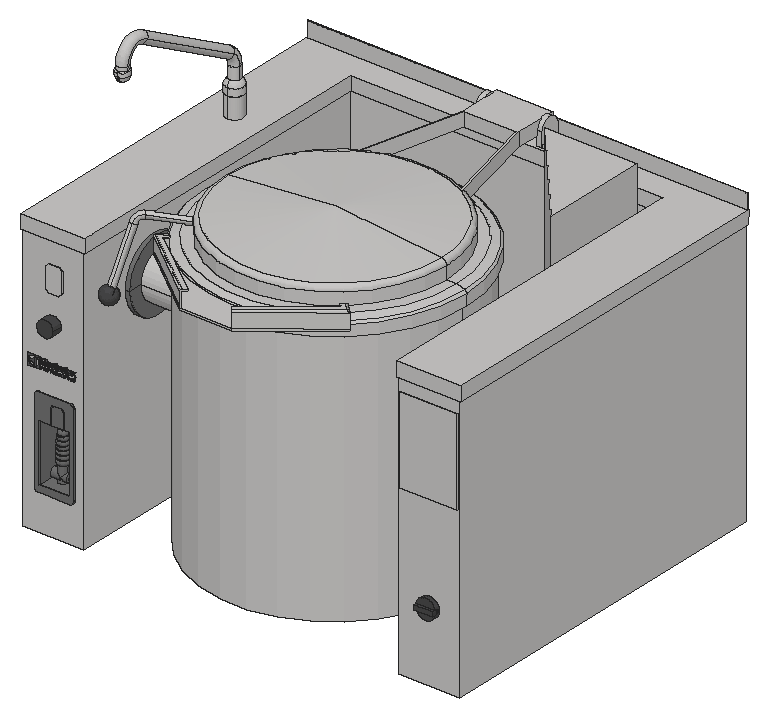
Revit family "QF_ELECTROLUXPROFESSIONAL_586939_PBOT06GLCS", category Specialty Equipment, Revit 2018
Family settings
  Round Connector Dimension = Use Radius
  Part Type = Normal
  Work Plane-Based = No
  Always vertical = Yes
  Cut with Voids When Loaded = No
  Shared = Yes
  Room Calculation Point = No
Parameters (values of type "Standard")
  Weight = 170.00 kg
  Watts = 0 W
  Volts = 230 V
  URL Manufacturer = "http://professional.electrolux.com"
  URL = "http://professional.electrolux.com"
  Tilt Clearance [instance] = 1073 mm
  Steam Supply Size = 0"
  Steam Supply Minimum Pressure = 0.00 psi
  Steam Supply Maximum Pressure = 0.00 psi
  Steam Pounds per Hour = 0
  Show Logo [instance] = yes
  Refrigeration Suction Line Size = 0"
  Refrigeration Liquid Line Size = 0"
  Refrigerant Compressor Remote = yes
  Plinth Base Finish [instance] = QF_Finishes_Concrete
  Plinth Base [instance] = not(Base Height = 500 mm)  # yes
  Phase = 1
  Length Actual = 1100 mm  # constant formula
  Item Number = "586939"
  Hot Water Size = 1/2"
  Height Actual = 700 mm  # constant formula
  HP = "0.3 HP"
  Gas Size = 1"
  Gas KW = 15
  Gas Input Pressure = 0.542067 Btu/h
  Direct Waste Size = 0"
  Depth Actual = 900 mm  # constant formula
  Cycle = 50 Hz
  Condensate Return Size = 0"
  Compressed Air Volume = 0 GPM
  Compressed Air Size = 0"
  Compressed Air Pressure = 0.00 psi
  Cold Water Size = 1/2"
  Assembly Code = ""
  Open Clearance [instance] = 856 mm  # constant formula
  Model = "PBOT06GLCS"
  Manufacturer = "Electrolux Professional"
  Description = "GAS BOILING PAN,TILTING,AUTO H/C WATER FILL INLET,SPRAY GUN, 60L,H700,BS,FS,D900,REAR CLS KIT,GUID.COOK.S"
  Bracket [instance] = Base Height = 500 mm  # no
  Body Finish [instance] = QF_Finishes_Stainless Steel
  Base Height = 200 mm
  Show Clearance [instance] = yes
  Accessory = yes
Reference planes
  plane 1 "BACK": y = 100
  plane 2: z = 0
  plane 3 "LEFT": x = 0
  plane 4 "RIGHT": x = 1100
  plane 5 "FRONT": y = -800
  plane 6 "TOP": z = 900
  plane 7: z = 200
  plane 8 "Center": x = 550
  plane 9: z = 1756
  plane 10: y = -908
  plane 11 "Vessel X axis": y = -503
  plane 12: x = 260.5
  plane 13: y = -580
  plane 14: x = 260.5
  plane 15: through (0, 114.006, 947.95) normal (0, 0.281, -0.9597)
  plane 16: z = 515
  plane 17 "Top Level": z = 981
  plane 18: y = -973
  plane 19: z = 981.311
  plane 20: z = 227.005
Forms (mm)
  Extrusion 1, solid, material "QF_Finishes_Stainless Steel" <- "Body Finish"
    sketch origin (0, 0, 900) x (-1, 0, 0) y (0, -1, 0)
      loop
        line (0, -100) -> (0, 800) -> (-160, 800) -> (-160, -31.55) -> (-940, -31.55) -> (-940, 800) -> (-1100, 800) -> (-1100, -100) -> (0, -100)
    from -35 to 0
  Extrusion 2, solid, material "QF_Finishes_Stainless Steel" <- "Body Finish"
    sketch origin (0, 0, 900) x (-1, 0, 0) y (0, -1, 0)
      loop
        line (-485, 908) -> (-615, 908) -> (-794.973, 765.434) -> (-773.744, 744.205)
        arc (-773.744, 744.205) -> (-550, 832) -> (-326.256, 744.205) r 329
        line (-326.256, 744.205) -> (-305.027, 765.434) -> (-485, 908)
    from 1.223 to 5.898
  Revolve 3, solid, material "QF_Finishes_Stainless Steel" <- "Body Finish"
    sketch origin (0, 50.89, 727.5) x (-1, 0, 0) y (0, -1, 0)
      loop
        line (-170, 573.89) -> (-170, 540.89) -> (-157, 540.89) -> (-157, 630.89) -> (-943, 630.89) -> (-943, 540.89) -> (-930, 540.89) -> (-930, 573.89) -> (-170, 573.89)
      axis (-943, 630.89) -> (-157, 630.89)
    angle from 0 to 360
  Extrusion 4, solid, material "QF_Finishes_Stainless Steel" <- "Body Finish"
    sketch origin (0, 100, 0) x (1, 0, 0) y (0, 0, 1)
      loop
        circle (1020, 450) r 10
    from 3 to 0
  Extrusion 5, solid, material "QF_Finishes_Stainless Steel" <- "Body Finish"
    sketch origin (550, 0, 0) x (0, 1, 0) y (0, 0, 1)
      loop
        line (89, 900) -> (89, 935.1)
        arc (89, 935.1) -> (65, 959.1) -> (41, 935.1) r 24
        line (41, 935.1) -> (41, 900) -> (89, 900)
    from 69.2 to 82.1
  Revolve 6, solid, material "QF_Finishes_Stainless Steel" <- "Body Finish"
    sketch origin (0, -503, 0) x (-1, 0, 0) y (0, 0, 1)
      loop
        line (-550, 981) -> (-550, 912.336) -> (-272.499, 912.336) -> (-272.499, 943.013)
        arc (-272.499, 943.013) -> (-275.825, 951.663) -> (-284.089, 955.857) r 12.912
        arc (-284.089, 955.857) -> (-416.684, 972.243) -> (-550, 981) r 2329.251
      axis (-550, 981) -> (-550, 912.336)
    angle from 0 to 360
  Sweep 7, solid, material "QF_Finishes_Stainless Steel" <- "Body Finish"
    path in 3D
      loop
        line (615, -908, 905.898) -> (794.973, -765.434, 905.898) -> (773.744, -744.205, 905.898)
    profile origin (704.986, -836.717, 905.898) x (-0.620938, 0.78386, 0) y (0, 0, 1)
      loop
        line (0, 0) -> (2.5, 0) -> (2.5, 35.781)
        arc (2.5, 35.781) -> (3.003, 36.997) -> (4.219, 37.5) r 1.719
        line (4.219, 37.5) -> (15.312, 37.5) -> (15.312, 40) -> (4.052, 40)
        arc (4.052, 40) -> (1.187, 38.813) -> (0, 35.948) r 4.052
        line (0, 35.948) -> (0, 0)
  Extrusion 8, solid, material "QF_Finishes_Stainless Steel" <- "Body Finish"
    sketch origin (0, 100, 0) x (1, 0, 0) y (0, 0, 1)
      loop
        line (157, 865) -> (157, 500) -> (943, 500) -> (943, 865) -> (157, 865)
    from 3 to 65.418
  Extrusion 9, solid, material "QF_Finishes_Stainless Steel" <- "Body Finish"
    sketch origin (550, 0, 0) x (0, 1, 0) y (0, 0, 1)
      loop
        line (89, 900) -> (89, 935.1)
        arc (89, 935.1) -> (65, 959.1) -> (41, 935.1) r 24
        line (41, 935.1) -> (41, 900) -> (89, 900)
    from -82.1 to -69.2
  Extrusion 10, solid, material "QF_Finishes_Stainless Steel" <- "Body Finish"
    sketch origin (600, -4572, 981) x (0, -1, 0) y (-1, 0, 0)
      loop
        line (-4551, 114.871) -> (-4295.558, 177.227) -> (-4289.255, 182.754) -> (-4555.565, 119.2) -> (-4661, 119.2) -> (-4661, -19.2) -> (-4555.565, -19.2) -> (-4289.255, -82.754) -> (-4295.558, -77.227) -> (-4551, -14.871) -> (-4551, 114.871)
    from 25.143 to 59.002
  Sweep 11, solid, material "QF_Finishes_Stainless Steel" <- "Body Finish"
    path in 3D
      loop
        line (326.256, -744.205, 905.898) -> (305.027, -765.434, 905.898) -> (485, -908, 905.898)
    profile origin (395.014, -836.717, 905.898) x (0.620938, 0.78386, 0) y (0, 0, 1)
      loop
        line (0, 0) -> (2.5, 0) -> (2.5, 35.781)
        arc (2.5, 35.781) -> (3.003, 36.997) -> (4.219, 37.5) r 1.719
        line (4.219, 37.5) -> (15.312, 37.5) -> (15.312, 40) -> (4.052, 40)
        arc (4.052, 40) -> (1.187, 38.813) -> (0, 35.948) r 4.052
        line (0, 35.948) -> (0, 0)
  Extrusion 12, solid, material "QF_Finishes_Stainless Steel" <- "Body Finish"
    sketch origin (0, 0, 900) x (-1, 0, 0) y (0, -1, 0)
      loop
        arc (-658.472, -55.346) -> (-664.2, -65) -> (-658.472, -74.654) r 11
        line (-658.472, -74.654) -> (-632.1, -89.055) -> (-632.1, -40.945) -> (-658.472, -55.346)
      loop
        line (-441.528, -55.346) -> (-467.9, -40.945) -> (-467.9, -89.055) -> (-441.528, -74.654)
        arc (-441.528, -74.654) -> (-435.8, -65) -> (-441.528, -55.346) r 11
    from 0 to 8
  Revolve 13, solid, material "QF_Finishes_Stainless Steel" <- "Body Finish"
    sketch origin (0, -503, 0) x (-1, 0, 0) y (0, 0, 1)
      loop
        line (-550, 910.898) -> (-550, 227.005) -> (-230.95, 227.005) -> (-230.95, 870.866) -> (-221, 870.866) -> (-221, 899.23) -> (-225.382, 905.093) -> (-246.228, 910.898) -> (-550, 910.898)
      axis (-550, 910.898) -> (-550, 227.005)
    angle from 0 to 360
  Extrusion 14, solid, material "QF_Finishes_Stainless Steel" <- "Body Finish"
    sketch origin (1100, -797, 0) x (-1, 0, 0) y (0, 0, -1)
      loop
        line (150, -833.989) -> (150, -618.989) -> (8.465, -618.989) -> (8.465, -833.989) -> (150, -833.989)
      loop
        line (1029.661, -812.084) -> (1036.975, -804.77) -> (1036.975, -754.399) -> (1029.661, -747.084) -> (1004.29, -747.084) -> (996.975, -754.399) -> (996.975, -804.77) -> (1004.29, -812.084) -> (1029.661, -812.084)
    from 0 to 3
  Extrusion 15, solid, material "QF_Finishes_Black"
    sketch origin (1200, -797, -30) x (-1, 0, 0) y (0, 0, -1)
      loop
        circle (180.286, -405.28) r 25
    from 0 to 10.306
  Extrusion 16, solid, material "QF_Finishes_Black"
    sketch origin (1200, -797, -30) x (-1, 0, 0) y (0, 0, -1)
      loop
        arc (204.667, -410.806) -> (205.286, -405.28) -> (204.667, -399.753) r 25
        line (204.667, -399.753) -> (155.904, -399.753)
        arc (155.904, -399.753) -> (155.286, -405.28) -> (155.904, -410.806) r 25
        line (155.904, -410.806) -> (204.667, -410.806)
    from 0 to 18.276
  Extrusion 17, solid, material "QF_Finishes_Black"
    sketch origin (160, -797, 0) x (-1, 0, 0) y (0, 0, -1)
      loop
        circle (80.781, -678.5) r 20
    from 0 to 25
  Extrusion 18, solid, material "QF_Finishes_Stainless Steel" <- "Body Finish", visible <- "Bracket"
    sketch origin (0, 37, -14) x (0, 1, 0) y (0, 0, 1)
      loop
        line (60, 514) -> (-140, 514) -> (-140, 400) -> (-76.36, 336.36) -> (60, 336.36) -> (60, 514)
    from 25.741 to 134.773
  Extrusion 19, solid, material "QF_Finishes_Stainless Steel" <- "Body Finish", visible <- "Bracket"
    sketch origin (1100, 0, 0) x (0, 1, 0) y (0, 0, 1)
      loop
        line (97, 322.36) -> (97, 500) -> (-103, 500) -> (-103, 386) -> (-39.36, 322.36) -> (97, 322.36)
    from -133.886 to -23.363
  Extrusion 20, solid, material "QF_Finishes_Stainless Steel" <- "Body Finish"
    sketch origin (0, 100, 0) x (1, 0, 0) y (0, 0, 1)
      loop
        circle (50, 395) r 6.35
      loop
        circle (110.571, 395) r 6.35
      loop
        circle (80.257, 345) r 12.7
    from 3 to 0
  Revolve 21, solid, material "QF_Finishes_Clearance", visible <- "Show Clearance", detail levels coarse
    sketch origin (550, 10.879, 0.726) x (0, 0.999996, 0.002845) y (0, -0.002845, 0.999996)
      loop
        line (-104.3, 1490.183) -> (-181.256, 1755.797) -> (-205.268, 1748.84) -> (-128.312, 1483.226) -> (-104.3, 1490.183)
      axis (-104.3, 1490.183) -> (-128.312, 1483.226)
    angle from 0 to 360
  Extrusion 22, solid, material "QF_Finishes_Stainless Steel" <- "Body Finish"
    sketch origin (0, -602.697, 0) x (1, 0, 0) y (0, 1, 0)
      loop
        line (916.007, 584.463) -> (686.007, 584.463) -> (916.007, 314.463) -> (916.007, 584.463)
    from 378.064 to 989.164
  Extrusion 23, solid, material "QF_Finishes_Stainless Steel" <- "Body Finish"
    sketch origin (-69.539, -630.792, 0) x (1, 0, 0) y (0, 1, 0)
      loop
        line (959.01, 373.71) -> (784.088, 579.053) -> (629.29, 431.408)
        arc (629.29, 431.408) -> (768.856, 392.333) -> (874.432, 293.04) r 303.772
        line (874.432, 293.04) -> (959.01, 373.71)
    from 383.064 to 403.064
  Extrusion 24, solid, material "QF_Finishes_Stainless Steel" <- "Body Finish"
    sketch origin (0, 0, 0) x (1, 0, 0) y (0, 1, 0)
      loop
        line (157, 97) -> (3, 97) -> (3, -797) -> (157, -797) -> (157, 97)
      loop
        line (1097, 97) -> (943, 97) -> (943, -797) -> (1097, -797) -> (1097, 97)
    from 200 to 865
  Extrusion 25, solid, material "Navy Blue", visible <- "Show Logo"
    sketch origin (160, -797, 0) x (-1, 0, 0) y (0, 0, -1)
      loop
        line (101.332, -593.18) -> (109.793, -593.18) -> (109.793, -583.327)
        arc (109.793, -583.327) -> (108.679, -580.639) -> (105.991, -579.525) r 3.802
        line (105.991, -579.525) -> (101.168, -579.525) -> (101.168, -581.736) -> (105.441, -581.736)
        arc (105.441, -581.736) -> (106.845, -582.21) -> (107.442, -583.566) r 1.838
        line (107.442, -583.566) -> (107.442, -585.52) -> (101.698, -585.52) -> (101.698, -587.738) -> (107.442, -587.738) -> (107.442, -590.968) -> (101.332, -590.968) -> (101.332, -593.18)
      loop
        line (99.498, -593.18) -> (99.498, -579.525) -> (97.146, -579.525) -> (97.146, -593.18) -> (99.498, -593.18)
      loop
        line (48.417, -593.18) -> (48.417, -579.525) -> (46.064, -579.525) -> (46.064, -593.18) -> (48.417, -593.18)
      loop
        line (93.257, -583.886) -> (85.539, -583.886)
        arc (85.539, -583.886) -> (86.746, -588.126) -> (90.874, -589.672) r 4.89
        arc (90.874, -589.672) -> (94.51, -587.828) -> (95.548, -583.886) r 4.976
        arc (95.548, -583.886) -> (94.182, -580.589) -> (90.886, -579.224) r 4.662
        arc (90.886, -579.224) -> (88.32, -579.602) -> (86.169, -581.05) r 5.86
        line (86.169, -581.05) -> (87.562, -582.444)
        arc (87.562, -582.444) -> (89.391, -581.347) -> (91.516, -581.531) r 3.458
        arc (91.516, -581.531) -> (92.812, -582.394) -> (93.257, -583.886) r 2.29
      loop
        line (93.198, -585.539) -> (87.902, -585.539)
        arc (87.902, -585.539) -> (88.645, -587.103) -> (90.278, -587.679) r 2.256
        arc (90.278, -587.679) -> (92.162, -587.188) -> (93.198, -585.539) r 2.64
      loop
        line (76.371, -586.524) -> (74.894, -588)
        arc (74.894, -588) -> (76.746, -589.341) -> (78.997, -589.742) r 5.117
        arc (78.997, -589.742) -> (82.429, -588.487) -> (84.231, -585.308) r 5.293
        arc (84.231, -585.308) -> (81.194, -579.733) -> (74.977, -581.018) r 5.33
        line (74.977, -581.018) -> (76.446, -582.487)
        arc (76.446, -582.487) -> (79.616, -581.438) -> (81.887, -583.886) r 3.088
        arc (81.887, -583.886) -> (81.729, -585.821) -> (80.396, -587.234) r 2.933
        arc (80.396, -587.234) -> (78.264, -587.559) -> (76.371, -586.524) r 3.369
      loop
        line (73.45, -593.18) -> (73.45, -583.849)
        arc (73.45, -583.849) -> (73.246, -582.449) -> (72.722, -581.135) r 6.031
        arc (72.722, -581.135) -> (71.044, -579.8) -> (68.918, -579.519) r 4.018
        line (68.918, -579.519) -> (68.918, -581.723)
        arc (68.918, -581.723) -> (69.55, -581.771) -> (70.139, -582.005) r 2.118
        arc (70.139, -582.005) -> (70.895, -582.804) -> (71.098, -583.886) r 1.949
        line (71.098, -583.886) -> (71.098, -587.265) -> (68.962, -587.265) -> (68.962, -589.401) -> (71.098, -589.401) -> (71.098, -593.18) -> (73.45, -593.18)
      loop
        arc (64.65, -584.717) -> (64.482, -585.701) -> (63.997, -586.574) r 2.967
        arc (63.997, -586.574) -> (62.588, -587.297) -> (61.004, -587.265) r 3.231
        line (61.004, -587.265) -> (61.004, -589.525)
        arc (61.004, -589.525) -> (63.073, -589.33) -> (64.65, -587.977) r 3.432
        line (64.65, -587.977) -> (64.65, -589.401) -> (66.983, -589.401) -> (66.983, -579.525) -> (64.65, -579.525) -> (64.65, -584.717)
      loop
        circle (55.254, -584.461) r 5.233
      loop
        circle (55.254, -584.461) r 3.172
      loop
        arc (37.582, -583.638) -> (38.162, -582.041) -> (39.738, -581.405) r 2.088
        arc (39.738, -581.405) -> (41.313, -582.041) -> (41.894, -583.638) r 2.088
        line (41.894, -583.638) -> (41.894, -589.401) -> (44.266, -589.401) -> (44.266, -583.442)
        arc (44.266, -583.442) -> (42.916, -580.365) -> (39.738, -579.275) r 4.181
        arc (39.738, -579.275) -> (36.524, -580.398) -> (35.211, -583.539) r 4.181
        line (35.211, -583.539) -> (35.211, -589.401) -> (37.582, -589.401) -> (37.582, -583.638)
      loop
        line (33.789, -589.401) -> (30.374, -584.764) -> (34.126, -579.522) -> (31.598, -579.522) -> (29.107, -583.001) -> (26.58, -579.522) -> (24.068, -579.522) -> (27.767, -584.817) -> (24.385, -589.401) -> (26.952, -589.401) -> (29.115, -586.469) -> (31.245, -589.401) -> (33.789, -589.401)
      loop
        line (108.47, -573.865) -> (110.346, -573.865) -> (110.346, -569.143) -> (109.319, -569.143) -> (109.319, -570.769) -> (108.185, -570.769)
        arc (108.185, -570.769) -> (106.916, -572.447) -> (108.47, -573.865) r 1.561
      loop
        arc (108.23, -571.697) -> (107.841, -572.304) -> (108.23, -572.911) r 0.668
        line (108.23, -572.911) -> (109.319, -572.911) -> (109.319, -571.697) -> (108.23, -571.697)
      loop
        line (101.061, -573.865) -> (102.968, -573.865) -> (102.968, -569.143) -> (101.942, -569.143) -> (101.942, -570.769) -> (100.949, -570.769) -> (100.27, -569.143) -> (99.168, -569.143) -> (100.097, -571.134)
        arc (100.097, -571.134) -> (99.652, -571.665) -> (99.502, -572.343) r 1.458
        arc (99.502, -572.343) -> (99.971, -573.421) -> (101.061, -573.865) r 1.559
      loop
        line (101.942, -572.911) -> (101.942, -571.697) -> (100.852, -571.697)
        arc (100.852, -571.697) -> (100.464, -572.304) -> (100.852, -572.911) r 0.668
        line (100.852, -572.911) -> (101.942, -572.911)
      loop
        circle (93.139, -571.504) r 2.453
      loop
        circle (93.139, -571.504) r 1.557
      loop
        line (86.655, -573.865) -> (86.655, -569.143) -> (85.654, -569.143) -> (85.654, -570.793) -> (83.876, -570.793) -> (83.876, -571.851) -> (85.654, -571.851) -> (85.654, -572.847) -> (83.706, -572.847) -> (83.706, -573.865) -> (86.655, -573.865)
      loop
        line (79.724, -573.865) -> (79.724, -570.677)
        arc (79.724, -570.677) -> (79.288, -569.596) -> (78.213, -569.146) r 1.51
        line (78.213, -569.146) -> (76.689, -569.146) -> (76.689, -570.038) -> (78.122, -570.038)
        arc (78.122, -570.038) -> (78.65, -570.475) -> (78.753, -571.151) r 0.961
        line (78.753, -571.151) -> (76.866, -571.151) -> (76.866, -572.043) -> (78.753, -572.043) -> (78.753, -572.973) -> (76.735, -572.973) -> (76.735, -573.865) -> (79.724, -573.865)
      loop
        arc (62.624, -573.267) -> (63.249, -573.78) -> (64.041, -573.943) r 1.69
        arc (64.041, -573.943) -> (64.773, -573.764) -> (65.374, -573.31) r 1.872
        arc (65.374, -573.31) -> (65.486, -572.238) -> (64.794, -571.411) r 1.385
        arc (64.794, -571.411) -> (64.212, -571.217) -> (63.66, -570.95) r 4.78
        arc (63.66, -570.95) -> (63.312, -570.539) -> (63.552, -570.057) r 0.489
        arc (63.552, -570.057) -> (63.998, -569.952) -> (64.442, -570.065) r 0.963
        arc (64.442, -570.065) -> (64.826, -570.341) -> (65.061, -570.752) r 1.118
        line (65.061, -570.752) -> (65.887, -570.367)
        arc (65.887, -570.367) -> (65.589, -569.793) -> (65.11, -569.36) r 1.815
        arc (65.11, -569.36) -> (64.566, -569.127) -> (63.978, -569.068) r 1.957
        arc (63.978, -569.068) -> (63.25, -569.213) -> (62.595, -569.561) r 2.556
        arc (62.595, -569.561) -> (62.305, -570.331) -> (62.455, -571.139) r 1.535
        arc (62.455, -571.139) -> (62.778, -571.512) -> (63.19, -571.781) r 1.779
        arc (63.19, -571.781) -> (63.712, -572.014) -> (64.248, -572.215) r 9.371
        arc (64.248, -572.215) -> (64.557, -572.696) -> (64.11, -573.053) r 0.427
        arc (64.11, -573.053) -> (63.575, -572.924) -> (63.163, -572.558) r 1.135
        line (63.163, -572.558) -> (62.624, -573.267)
      loop
        line (58.291, -573.865) -> (58.291, -569.146) -> (57.321, -569.146) -> (57.321, -573.865) -> (58.291, -573.865)
      loop
        circle (50.779, -571.506) r 1.468
      loop
        circle (50.779, -571.506) r 2.451
      loop
        line (44.27, -569.146) -> (43.289, -569.146) -> (43.289, -572.113) -> (41.131, -569.146) -> (40.187, -569.146) -> (40.187, -573.865) -> (41.168, -573.865) -> (41.168, -570.808) -> (43.326, -573.865) -> (44.27, -573.865) -> (44.27, -569.146)
      loop
        line (35.295, -569.146) -> (34.836, -570.164) -> (33.09, -570.164) -> (32.631, -569.146) -> (31.588, -569.146) -> (33.581, -573.865) -> (34.491, -573.865) -> (36.337, -569.146) -> (35.295, -569.146)
      loop
        line (33.526, -571.132) -> (33.993, -572.169) -> (34.447, -571.132) -> (33.526, -571.132)
      loop
        line (26.769, -570.038) -> (26.769, -573.865) -> (27.739, -573.865) -> (27.739, -569.146) -> (24.954, -569.146) -> (24.954, -570.038) -> (26.769, -570.038)
      loop
        arc (69.698, -573.267) -> (70.324, -573.78) -> (71.116, -573.943) r 1.69
        arc (71.116, -573.943) -> (71.847, -573.764) -> (72.449, -573.31) r 1.872
        arc (72.449, -573.31) -> (72.56, -572.238) -> (71.868, -571.411) r 1.385
        arc (71.868, -571.411) -> (71.287, -571.217) -> (70.735, -570.95) r 4.78
        arc (70.735, -570.95) -> (70.386, -570.539) -> (70.627, -570.057) r 0.489
        arc (70.627, -570.057) -> (71.073, -569.952) -> (71.517, -570.065) r 0.963
        arc (71.517, -570.065) -> (71.901, -570.341) -> (72.136, -570.752) r 1.118
        line (72.136, -570.752) -> (72.961, -570.367)
        arc (72.961, -570.367) -> (72.664, -569.793) -> (72.184, -569.36) r 1.815
        arc (72.184, -569.36) -> (71.64, -569.127) -> (71.052, -569.068) r 1.957
        arc (71.052, -569.068) -> (70.325, -569.213) -> (69.669, -569.561) r 2.556
        arc (69.669, -569.561) -> (69.38, -570.331) -> (69.529, -571.139) r 1.535
        arc (69.529, -571.139) -> (69.852, -571.512) -> (70.265, -571.781) r 1.779
        arc (70.265, -571.781) -> (70.787, -572.014) -> (71.322, -572.215) r 9.371
        arc (71.322, -572.215) -> (71.632, -572.696) -> (71.185, -573.053) r 0.427
        arc (71.185, -573.053) -> (70.649, -572.924) -> (70.238, -572.558) r 1.135
        line (70.238, -572.558) -> (69.698, -573.267)
      loop
        line (124.467, -593.367) -> (124.467, -568.534)
        arc (124.467, -568.534) -> (115.287, -580.95) -> (124.467, -593.367) r 12.987
      loop
        arc (125.423, -593.446) -> (135.891, -591.227) -> (141.022, -581.837) r 12.809
        line (141.022, -581.837) -> (135.422, -581.837)
        arc (135.422, -581.837) -> (128.84, -585.012) -> (125.423, -591.472) r 11.707
        line (125.423, -591.472) -> (125.423, -593.446)
      loop
        arc (125.73, -570.332) -> (129.585, -577.251) -> (136.925, -580.23) r 11.93
        line (136.925, -580.23) -> (141.033, -580.23)
        arc (141.033, -580.23) -> (136.066, -570.804) -> (125.73, -568.215) r 13.06
        line (125.73, -568.215) -> (125.73, -570.332)
      loop
        line (141.976, -594.722) -> (141.976, -567.122) -> (114.339, -567.122) -> (114.339, -594.722) -> (141.976, -594.722)
    from 0 to 0.697
  Extrusion 26, void
    sketch origin (0, -800, 0) x (1, 0, 0) y (0, 0, 1)
      loop
        line (125.4, 500.944) -> (43.4, 500.944) -> (43.4, 305.944) -> (125.4, 305.944) -> (125.4, 500.944)
    from 0 to -63
  Extrusion 27, solid, material "QF_Finishes_Stainless Steel"
    sketch origin (550, 0, 0) x (0, 1, 0) y (0, 0, 1)
      loop
        line (98, 937.998) -> (98, 900) -> (100, 900) -> (100, 937.998) -> (98, 937.998)
    from 550 to -550
Cuts and joins
  joined: Revolve 6, Extrusion 10
  Extrusion 26 cuts Extrusion 24
Lines and regions (mm)
  Split face 1
    outline origin (1100, -800, 0) x (-1, 0, 0) y (0, 0, -1)
      loop
        line (144.321, -826.533) -> (144.321, -691.533) -> (15.285, -691.533) -> (15.285, -826.533) -> (144.321, -826.533)
  Split face 2
    outline origin (1100, -800, 0) x (-1, 0, 0) y (0, 0, -1)
      loop
        line (144.321, -691.533) -> (144.321, -625.535) -> (15.285, -625.535) -> (15.285, -691.533) -> (144.321, -691.533)
  Split face 3
    outline origin (1100, -800, 0) x (-1, 0, 0) y (0, 0, -1)
      loop
        line (135.153, -818.972) -> (135.153, -698.972) -> (26.118, -698.972) -> (26.118, -818.972) -> (135.153, -818.972)
  Split face 4
    outline origin (1100, -800, 0) x (-1, 0, 0) y (0, 0, -1)
      loop
        line (1029.036, -812.084) -> (1036.35, -804.77) -> (1036.35, -754.399) -> (1029.036, -747.084) -> (1029.036, -812.084)
  Split face 5
    outline origin (-933.951, -800, 0) x (1, 0, 0) y (0, 0, 1)
      loop
        line (1029.036, 812.084) -> (1029.036, 747.084) -> (1036.35, 754.399) -> (1036.35, 804.77) -> (1029.036, 812.084)
  Split face 6
    outline origin (0, -602.697, 989.164) x (1, 0, 0) y (0, 1, 0)
      loop
        line (906.007, 574.463) -> (708.007, 574.463) -> (906.007, 342.463) -> (906.007, 574.463)
  sketch lines
    curve 1: line (615, -908, 905.898) -> (794.973, -765.434, 905.898)
    curve 2: line (794.973, -765.434, 905.898) -> (773.744, -744.205, 905.898)
    curve 3: line (305.027, -765.434, 905.898) -> (485, -908, 905.898)
    curve 4: line (326.256, -744.205, 905.898) -> (305.027, -765.434, 905.898)
  symbolic lines
    curve 5: line (170, -490, 0) -> (160, -490, 0)
    curve 6: line (170, -490, 0) -> (170, -670, 0)
    curve 7: line (170, -670, 0) -> (160, -670, 0)
    curve 8: line (930, -490, 0) -> (940, -490, 0)
    curve 9: line (930, -490, 0) -> (930, -670, 0)
    curve 10: line (930, -670, 0) -> (940, -670, 0)
    curve 11: line (930, -523.539, 0) -> (878.358, -523.539, 0)
    curve 12: line (930, -636.461, 0) -> (850.714, -636.461, 0)
    curve 13: line (170, -523.539, 0) -> (221.642, -523.539, 0)
    curve 14: line (170, -636.461, 0) -> (249.286, -636.461, 0)
    curve 15: line (160, -800, 0) -> (160, 31.55, 0)
    curve 16: line (0, -800, 0) -> (160, -800, 0)
    curve 17: line (0, 100, 0) -> (0, -800, 0)
    curve 18: line (160, 31.55, 0) -> (480.8, 31.55, 0)
    curve 19: line (1100, 100, 0) -> (0, 100, 0)
    curve 20: line (940, 31.55, 0) -> (940, -800, 0)
    curve 21: line (1100, -800, 0) -> (1100, 100, 0)
    curve 22: line (940, -800, 0) -> (1100, -800, 0)
    curve 23: circle (550, -503, 0) r 329 normal (0, 0, 1)
    curve 24: line (619.2, 31.55, 0) -> (940, 31.55, 0)
    curve 25: line (494.508, -895.997, 0) -> (328.011, -764.105, 0)
    curve 26: line (328.011, -764.105, 0) -> (337.744, -754.373, 0)
    curve 27: line (485, -908, 0) -> (494.508, -895.997, 0)
    curve 28: line (615, -908, 0) -> (605.492, -895.997, 0)
    curve 29: line (771.989, -764.105, 0) -> (605.492, -895.997, 0)
    curve 30: line (762.256, -754.373, 0) -> (771.989, -764.105, 0)
    curve 32: line (916.007, -18.234, 0) -> (686.007, -18.234, 0)
    curve 33: line (916.007, -288.233, 0) -> (916.007, -18.234, 0)
    curve 34: line (686.007, -18.234, 0) -> (916.007, -288.233, 0)
    curve 35: line (906.007, -28.234, 0) -> (708.007, -28.234, 0)
    curve 36: line (708.007, -28.234, 0) -> (906.007, -260.233, 0)
    curve 37: line (906.007, -260.233, 0) -> (906.007, -28.234, 0)
    curve 45: line (823.446, -320.057, 0) -> (889.471, -257.082, 0)
    curve 46: line (714.549, -51.739, 0) -> (584.468, -175.81, 0)
  model lines, style "QF-Clearances", visible <- "Show Clearance", detail levels coarse
    curve 31: arc (550, -908, 954.089) -> (550, -972.089, 650.892) -> (550, -800, 393.169) r 399.291
  symbolic lines, style "QF-Clearances", visible <- "Show Clearance", detail levels coarse
    curve 38: line (800, -450, 0) -> (800, -1650, 0)
    curve 39: line (300, -450, 0) -> (300, -1650, 0)
    curve 40: line (800, -1650, 0) -> (300, -1650, 0)
    curve 41: line (800, -450, 0) -> (300, -450, 0)
    curve 42: line (800, -1069.158, 0) -> (600, -1650, 0)
    curve 43: circle (550, -1600, 0) r 25 normal (0, 0, 1)
    curve 44: line (300, -1069.158, 0) -> (500, -1650, 0)
Dimensions and locks
  plane 3 "LEFT" to plane 4 "RIGHT" = 1100 mm
  plane 4 "RIGHT" to plane 3 "LEFT" = 1100 mm
  plane 1 "BACK" to plane 5 "FRONT" = 900 mm
  plane 5 "FRONT" to plane 1 "BACK" = 900 mm
  "Base Height": plane 7 to level
  equal spacing: plane 3 "LEFT", plane 8 "Center", plane 4 "RIGHT"
  "Open Clearance": plane 9 to plane 6 "TOP"
  locked: Extrusion 8 sketch curve to Extrusion 8 sketch curve at 365
  plane 4 "RIGHT" to Extrusion 4 sketch curve = 80 mm
  locked: Extrusion 2 sketch curve to Extrusion 2 sketch curve at 30.022  (x2)
  equal spacing: Extrusion 10 sketch curve, plane 8 "Center", Extrusion 10 sketch curve
  locked: Extrusion 10 sketch curve to Extrusion 10 sketch curve at 138.4
  Extrusion 10 sketch curve to Extrusion 10 sketch curve to plane 1 "BACK" = 110 mm locked, 11 mm locked
  plane 11 "Vessel X axis" to Revolve 3 sketch curve = 77 mm
  Revolve 3 sketch curve to Revolve 3 sketch curve to Revolve 3 sketch curve to Revolve 3 sketch curve = 33 mm locked, 57 mm locked, 0 mm locked
  plane 11 "Vessel X axis" to plane 13 = 77 mm
  equal spacing: curve 5, plane 13, curve 7
  locked: curve 5 to curve 7 at 180
  equal spacing: curve 11, plane 13, curve 12
  locked: curve 11 to curve 12 at 112.922
  plane 14 to plane 8 "Center" = 289.5 mm
  Revolve 13 sketch curve to Revolve 13 sketch curve to Revolve 13 sketch curve to Revolve 13 sketch curve to plane 14 = 4.382 mm locked, 5.568 mm locked, 15.278 mm locked, 14.272 mm locked
  plane 12 to plane 8 "Center" = 289.5 mm
  Revolve 6 sketch curve to Revolve 6 sketch curve to plane 12 = 11.59 mm locked, 11.999 mm locked
  Extrusion 16 sketch curve to Extrusion 16 sketch curve = 11.053 mm
  Extrusion 19 sketch curve to Extrusion 19 sketch curve to Extrusion 19 sketch curve = 114 mm locked, 63.64 mm locked
  plane 6 "TOP" to Extrusion 14 sketch curve to Extrusion 14 sketch curve = 66.011 mm locked, 215 mm locked
  plane 6 "TOP" to Extrusion 14 sketch curve to Extrusion 14 sketch curve to Extrusion 14 sketch curve to Extrusion 14 sketch curve = 87.916 mm locked, 7.315 mm locked, 50.371 mm, 7.315 mm locked
  plane 6 "TOP" to level = 900 mm
  locked: Extrusion 19 sketch curve to level at 322.36
  locked: Extrusion 15 sketch curve to level at 375.28
  locked: Extrusion 16 sketch curve to level at 369.753
  Extrusion 10 sketch curve to Extrusion 10 sketch curve to plane 11 "Vessel X axis" = 6.303 mm, 220.255 mm
  Extrusion 10 sketch curve to Extrusion 10 sketch curve to plane 11 "Vessel X axis" = 6.303 mm locked, 220.255 mm locked
  locked: Revolve 21 sketch curve to Revolve 21 sketch curve at 276.537
  locked: Extrusion 1 to Revolve 21 sketch curve at 23.726
  plane 11 "Vessel X axis" to plane 1 "BACK" = 603 mm
  plane 10 to plane 1 "BACK" = 1008 mm
  plane 17 "Top Level" to Revolve 6 sketch curve to Revolve 6 sketch curve to Revolve 6 sketch curve = 25.143 mm locked, 12.844 mm locked, 30.677 mm locked
  plane 17 "Top Level" to Revolve 13 sketch curve to Revolve 13 sketch curve to Revolve 13 sketch curve to Revolve 13 sketch curve = 70.102 mm locked, 5.805 mm locked, 5.863 mm locked, 28.364 mm locked
  plane 6 "TOP" to plane 16 = 385 mm
  plane 17 "Top Level" to nested 1 = 45.299 mm
  plane 17 "Top Level" to Extrusion 2 to Extrusion 2 = 75.102 mm locked, 4.675 mm locked
  plane 17 "Top Level" to plane 6 "TOP" = 81 mm
  locked: Extrusion 5 sketch curve to plane 17 "Top Level" at 45.9
  locked: Extrusion 9 sketch curve to plane 17 "Top Level" at 45.9
  plane 11 "Vessel X axis" to nested 1 = 289.5 mm
  "Tilt Clearance": plane 18 to plane 1 "BACK"
  locked: curve 31 to plane 17 "Top Level" at 26.911
  locked: Revolve 13 sketch curve to level at 227.005
  Extrusion 22 sketch curve to Extrusion 22 sketch curve to plane 4 "RIGHT" = 230 mm locked, 183.993 mm locked
  Extrusion 18 sketch curve to Extrusion 18 sketch curve to Extrusion 18 sketch curve to level = 114 mm locked, 63.64 mm locked, 322.36 mm locked
  locked: Extrusion 4 sketch curve to level at 450
  locked: curve 39 to curve 38 at 500
  equal spacing: curve 39, plane 8 "Center", curve 38
  locked: plane 1 "BACK" to curve 40 at 1750
  locked: plane 1 "BACK" to curve 41 at 550
  locked: Extrusion 23 sketch curve to curve 34 at 40.857
  locked: curve 34 to Extrusion 23 sketch curve at 43.945
  Extrusion 23 sketch curve to curve 33 to Extrusion 23 sketch curve = 114.799 mm locked, 154.522 mm locked
  curve 34 to curve 45 to curve 33 = 40.857 mm locked, 154.522 mm locked
  curve 34 to curve 46 to curve 33 = 43.945 mm locked, 114.799 mm locked
  angle plane 9 to Revolve 21 sketch curve = 16.3208°
  aligned and locked: level to plane 2
  aligned and locked: Extrusion 8 to Extrusion 1
  aligned and locked: plane 10 to Extrusion 2 sketch curve
  aligned and locked: plane 8 "Center" to Revolve 6 sketch curve  (x2)
  aligned and locked: Revolve 3 sketch curve to Revolve 3 sketch curve
  aligned and locked: Revolve 3 to Revolve 3  (x2)
  aligned and locked: curve 15 to Extrusion 1
  aligned and locked: curve 6 to Revolve 3
  aligned and locked: curve 20 to Extrusion 1
  aligned and locked: curve 9 to Revolve 3
  aligned and locked: curve 12 to curve 14
  aligned and locked: curve 11 to curve 13
  aligned and locked: curve 5 to curve 8
  aligned and locked: curve 7 to curve 10
  aligned and locked: curve 23 to Revolve 13
  aligned and locked: Extrusion 2 sketch curve to Revolve 13
  aligned and locked: curve 25 to Sweep 11
  aligned and locked: curve 26 to Sweep 11
  aligned and locked: curve 27 to Sweep 11
  aligned and locked: curve 28 to Sweep 7
  aligned and locked: curve 29 to Sweep 7
  aligned and locked: curve 30 to Sweep 7
  aligned and locked: plane 17 "Top Level" to Revolve 6 sketch curve
  aligned and locked: plane 5 "FRONT" to curve 31
  aligned and locked: plane 10 to curve 31
  aligned and locked: curve 34 to Extrusion 22
  aligned and locked: curve 32 to Extrusion 22
  aligned and locked: curve 33 to Extrusion 22
  aligned and locked: curve 37 to Split face 6
  aligned and locked: curve 35 to Split face 6
  aligned and locked: curve 36 to Split face 6
  aligned and locked: Extrusion 23 sketch curve to Revolve 13
  aligned and locked: Extrusion 22 to Extrusion 23 sketch curve
Automatic sketch dimensions
  plane 1 "BACK" to curve 17 = 0 mm
  curve 17 to plane 3 "LEFT" = 0 mm
  plane 10 to curve 27 = 0 mm
  curve 43 to plane 8 "Center" = 0 mm
  plane 10 to curve 28 = 0 mm
  curve 21 to plane 4 "RIGHT" = 0 mm
  plane 5 "FRONT" to curve 22 = 0 mm
  plane 5 "FRONT" to curve 17 = 0 mm
  curve 44 to curve 43 = 50 mm
  plane 1 "BACK" to curve 15 = 68.45 mm
  curve 32 to curve 20 = 49.784 mm
  curve 18 to plane 8 "Center" = 69.2 mm
  curve 44 to plane 8 "Center" = 50 mm
  plane 8 "Center" to curve 42 = 50 mm
  plane 8 "Center" to curve 24 = 69.2 mm
  plane 18 to curve 42 = 96.158 mm
  plane 18 to curve 44 = 96.158 mm
  curve 31 to plane 13 = 0 mm
  curve 31 to plane 6 "TOP" = 173.615 mm
  Extrusion 1 sketch curve to plane 4 "RIGHT" = 0 mm
  plane 5 "FRONT" to Extrusion 1 sketch curve = 0 mm  (x2)
  Extrusion 1 sketch curve to plane 3 "LEFT" = 0 mm
  plane 1 "BACK" to Extrusion 1 sketch curve = 0 mm
  Extrusion 1 sketch curve to plane 4 "RIGHT" = 160 mm
  plane 1 "BACK" to Extrusion 1 sketch curve = 68.45 mm
  plane 3 "LEFT" to Extrusion 1 sketch curve = 160 mm
  plane 8 "Center" to Extrusion 2 sketch curve = 65 mm
  Extrusion 2 sketch curve to plane 5 "FRONT" = 55.795 mm  (x2)
  Extrusion 2 sketch curve to plane 5 "FRONT" = 34.566 mm  (x2)
  Extrusion 2 sketch curve to plane 8 "Center" = 65 mm
  Revolve 3 sketch curve to plane 4 "RIGHT" = 157 mm
  Revolve 3 sketch curve to Revolve 3 sketch curve = 13 mm  (x2)
  plane 3 "LEFT" to Revolve 3 sketch curve = 170 mm
  Revolve 3 sketch curve to Revolve 3 sketch curve = 3 mm
  Revolve 3 sketch curve to Revolve 3 sketch curve = 27 mm
  Extrusion 5 sketch curve to plane 6 "TOP" = 0 mm
  plane 1 "BACK" to Extrusion 5 sketch curve = 59 mm
  Extrusion 5 sketch curve to Extrusion 5 sketch curve = 24 mm
  plane 8 "Center" to Revolve 6 sketch curve = 85.945 mm
  Revolve 6 sketch curve to plane 20 = 81.51 mm
  Revolve 6 sketch curve to plane 6 "TOP" = 21.485 mm
  Sweep 7 sketch curve to profile plane = 0 mm
  profile plane to Sweep 7 sketch curve = 0 mm
  Sweep 7 sketch curve to profile plane = 2.5 mm
  Sweep 7 sketch curve to profile plane = 4.052 mm
  Sweep 7 sketch curve to Sweep 7 sketch curve = 0.167 mm  (x2)
  Sweep 7 sketch curve to Sweep 7 sketch curve = 11.093 mm
  profile plane to Sweep 7 sketch curve = 35.781 mm
  plane 3 "LEFT" to Extrusion 8 sketch curve = 157 mm
  Extrusion 8 sketch curve to plane 4 "RIGHT" = 157 mm
  Extrusion 8 sketch curve to plane 20 = 272.995 mm
  Extrusion 9 sketch curve to plane 6 "TOP" = 0 mm
  plane 1 "BACK" to Extrusion 9 sketch curve = 59 mm
  Extrusion 9 sketch curve to Extrusion 9 sketch curve = 24 mm
  Extrusion 10 sketch curve to Extrusion 10 sketch curve = 4.565 mm  (x2)
  Extrusion 10 sketch curve to plane 8 "Center" = 127.227 mm
  Extrusion 10 sketch curve to Extrusion 10 sketch curve = 5.527 mm  (x2)
  Extrusion 10 sketch curve to Extrusion 10 sketch curve = 4.329 mm  (x2)
  plane 8 "Center" to Extrusion 10 sketch curve = 127.227 mm
  Sweep 11 sketch curve to profile plane = 0 mm  (x2)
  Sweep 11 sketch curve to Sweep 11 sketch curve = 2.5 mm
  Sweep 11 sketch curve to profile plane = 4.052 mm
  Sweep 11 sketch curve to Sweep 11 sketch curve = 0.167 mm  (x2)
  Sweep 11 sketch curve to Sweep 11 sketch curve = 11.093 mm
  profile plane to Sweep 11 sketch curve = 35.781 mm
  plane 1 "BACK" to Extrusion 12 sketch curve = 44.654 mm  (x2)
  plane 8 "Center" to Extrusion 12 sketch curve = 108.472 mm
  plane 1 "BACK" to Extrusion 12 sketch curve = 25.346 mm  (x2)
  Extrusion 12 sketch curve to Extrusion 12 sketch curve = 0 mm
  Extrusion 12 sketch curve to Extrusion 12 sketch curve = 5.272 mm  (x3)
  Extrusion 12 sketch curve to Extrusion 12 sketch curve = 26.372 mm
  plane 1 "BACK" to Extrusion 12 sketch curve = 10.945 mm  (x2)
  Extrusion 12 sketch curve to plane 8 "Center" = 82.1 mm
  Extrusion 12 sketch curve to Extrusion 12 sketch curve = 21.1 mm
  Extrusion 12 sketch curve to Extrusion 12 sketch curve = 14.4 mm  (x2)
  Revolve 13 sketch curve to plane 8 "Center" = 0 mm  (x2)
  Revolve 13 sketch curve to plane 20 = 74.007 mm
  Revolve 13 sketch curve to Revolve 13 sketch curve = 35 mm
  Extrusion 14 sketch curve to plane 4 "RIGHT" = 8.465 mm
  Extrusion 14 sketch curve to Extrusion 14 sketch curve = 141.535 mm
  plane 3 "LEFT" to Extrusion 14 sketch curve = 103.025 mm
  Extrusion 14 sketch curve to Extrusion 14 sketch curve = 7.315 mm  (x5)
  Extrusion 14 sketch curve to Extrusion 14 sketch curve = 25.371 mm  (x2)
  Split face 1 sketch curve to Extrusion 14 = 6.821 mm
  Split face 1 sketch curve to Extrusion 14 = 5.679 mm
  Split face 1 sketch curve to Extrusion 14 = 7.456 mm
  Extrusion 14 to Split face 1 sketch curve = 55.552 mm
  Split face 2 sketch curve to Extrusion 14 = 6.821 mm
  Split face 2 sketch curve to Extrusion 14 = 5.679 mm
  Extrusion 14 to Split face 2 sketch curve = 55.552 mm
  Split face 2 sketch curve to Extrusion 14 = 6.547 mm
  Extrusion 14 to Split face 3 sketch curve = 6.887 mm
  Split face 3 sketch curve to Extrusion 14 = 17.653 mm
  Split face 3 sketch curve to Extrusion 14 = 14.847 mm
  Extrusion 14 to Split face 3 sketch curve = 48.113 mm
  Split face 4 sketch curve to Extrusion 14 = 0 mm  (x2)
  Split face 4 sketch curve to Extrusion 14 = 7.94 mm
  Split face 4 sketch curve to Extrusion 14 = 0.625 mm
  Split face 4 sketch curve to Extrusion 14 = 7.315 mm  (x2)
  Split face 5 sketch curve to Extrusion 14 = 0 mm  (x2)
  Split face 5 sketch curve to Extrusion 14 = 7.94 mm
  Split face 5 sketch curve to Extrusion 14 = 0.625 mm
  Split face 5 sketch curve to Extrusion 14 = 7.315 mm  (x2)
  Extrusion 15 sketch curve to plane 4 "RIGHT" = 80.286 mm
  Extrusion 16 sketch curve to Extrusion 16 sketch curve = 0 mm  (x3)
  Extrusion 16 sketch curve to plane 4 "RIGHT" = 55.904 mm
  Extrusion 16 sketch curve to Extrusion 16 sketch curve = 24.382 mm  (x2)
  plane 3 "LEFT" to Extrusion 17 sketch curve = 79.219 mm
  Extrusion 17 sketch curve to plane 6 "TOP" = 221.5 mm
  plane 1 "BACK" to Extrusion 18 sketch curve = 203 mm
  Extrusion 18 sketch curve to Extrusion 18 sketch curve = 63.64 mm
  plane 1 "BACK" to Extrusion 18 sketch curve = 3 mm
  plane 1 "BACK" to Extrusion 19 sketch curve = 203 mm
  Extrusion 19 sketch curve to Extrusion 19 sketch curve = 63.64 mm
  plane 1 "BACK" to Extrusion 19 sketch curve = 3 mm
  plane 3 "LEFT" to Extrusion 20 sketch curve = 50 mm
  Extrusion 20 sketch curve to Extrusion 20 sketch curve = 30.257 mm
  Extrusion 20 sketch curve to Extrusion 20 sketch curve = 30.314 mm
  Extrusion 20 sketch curve to plane 20 = 117.995 mm
  Extrusion 20 sketch curve to Extrusion 20 sketch curve = 50 mm  (x2)
  Revolve 21 sketch curve to plane 9 = 0 mm
  Revolve 21 sketch curve to Revolve 21 sketch curve = 24.012 mm
  Revolve 21 sketch curve to Revolve 21 sketch curve = 0 mm  (x4)
  plane 11 "Vessel X axis" to Extrusion 22 sketch curve = 214.767 mm
  plane 1 "BACK" to Extrusion 22 sketch curve = 118.234 mm
  Split face 6 sketch curve to Extrusion 22 = 10 mm  (x2)
  Split face 6 sketch curve to Extrusion 22 = 208 mm
  Split face 6 sketch curve to Split face 6 sketch curve = 232 mm
  plane 3 "LEFT" to Extrusion 24 sketch curve = 3 mm
  plane 1 "BACK" to Extrusion 24 sketch curve = 3 mm  (x2)
  Extrusion 24 sketch curve to Extrusion 24 sketch curve = 154 mm
  Extrusion 24 sketch curve to plane 4 "RIGHT" = 157 mm
  Extrusion 24 sketch curve to plane 4 "RIGHT" = 3 mm
  Extrusion 24 sketch curve to plane 5 "FRONT" = 3 mm  (x2)
  Extrusion 25 sketch curve to Extrusion 25 sketch curve = 0 mm  (x33)
  plane 3 "LEFT" to Extrusion 25 sketch curve = 135.932 mm
  Extrusion 25 sketch curve to Extrusion 25 sketch curve = 0.317 mm
  Extrusion 25 sketch curve to Extrusion 25 sketch curve = 0.886 mm
  Extrusion 25 sketch curve to Extrusion 25 sketch curve = 2.512 mm
  Extrusion 25 sketch curve to Extrusion 25 sketch curve = 1.815 mm
  Extrusion 25 sketch curve to Extrusion 25 sketch curve = 2.567 mm
  Extrusion 25 sketch curve to Extrusion 25 sketch curve = 0.97 mm  (x3)
  Extrusion 25 sketch curve to Extrusion 25 sketch curve = 0.815 mm  (x2)
  Extrusion 25 sketch curve to Extrusion 25 sketch curve = 1.341 mm
  Extrusion 25 sketch curve to Extrusion 25 sketch curve = 1.348 mm
  Extrusion 25 sketch curve to Extrusion 25 sketch curve = 1.259 mm
  Extrusion 25 sketch curve to Extrusion 25 sketch curve = 2.13 mm
  Extrusion 25 sketch curve to Extrusion 25 sketch curve = 3.849 mm
  Extrusion 25 sketch curve to Extrusion 25 sketch curve = 2.49 mm
  Extrusion 25 sketch curve to Extrusion 25 sketch curve = 1.043 mm
  Extrusion 25 sketch curve to Extrusion 25 sketch curve = 0.46 mm  (x2)
  Extrusion 25 sketch curve to Extrusion 25 sketch curve = 0.435 mm
  Extrusion 25 sketch curve to Extrusion 25 sketch curve = 0.055 mm  (x2)
  Extrusion 25 sketch curve to Extrusion 25 sketch curve = 2.544 mm
  Extrusion 25 sketch curve to Extrusion 25 sketch curve = 0.468 mm
  Extrusion 25 sketch curve to Extrusion 25 sketch curve = 2.528 mm
  Extrusion 25 sketch curve to Extrusion 25 sketch curve = 0.922 mm
  Extrusion 25 sketch curve to Extrusion 25 sketch curve = 0.91 mm
  Extrusion 25 sketch curve to Extrusion 25 sketch curve = 0.388 mm
  Extrusion 25 sketch curve to Extrusion 25 sketch curve = 1.422 mm
  Extrusion 25 sketch curve to Extrusion 25 sketch curve = 1.042 mm
  Extrusion 25 sketch curve to Extrusion 25 sketch curve = 2.371 mm
  Extrusion 25 sketch curve to Extrusion 25 sketch curve = 1.809 mm  (x2)
  Extrusion 25 sketch curve to Extrusion 25 sketch curve = 0.273 mm  (x2)
  Extrusion 25 sketch curve to Extrusion 25 sketch curve = 0.147 mm
  Extrusion 25 sketch curve to Extrusion 25 sketch curve = 5.696 mm
  Extrusion 25 sketch curve to Extrusion 25 sketch curve = 0.943 mm
  Extrusion 25 sketch curve to Extrusion 25 sketch curve = 0.037 mm  (x3)
  Extrusion 25 sketch curve to Extrusion 25 sketch curve = 2.122 mm
  Extrusion 25 sketch curve to Extrusion 25 sketch curve = 2.372 mm
  Extrusion 25 sketch curve to Extrusion 25 sketch curve = 0.944 mm
  Extrusion 25 sketch curve to Extrusion 25 sketch curve = 1.799 mm
  Extrusion 25 sketch curve to Extrusion 25 sketch curve = 2.353 mm
  Extrusion 25 sketch curve to Extrusion 25 sketch curve = 6.509 mm
  Extrusion 25 sketch curve to Extrusion 25 sketch curve = 6.836 mm
  Extrusion 25 sketch curve to Extrusion 25 sketch curve = 2.068 mm
  Extrusion 25 sketch curve to Extrusion 25 sketch curve = 5.751 mm
  Extrusion 25 sketch curve to Extrusion 25 sketch curve = 0.679 mm
  Extrusion 25 sketch curve to Extrusion 25 sketch curve = 0.728 mm
  Extrusion 25 sketch curve to Extrusion 25 sketch curve = 0.178 mm
  Extrusion 25 sketch curve to Extrusion 25 sketch curve = 4.332 mm
  Extrusion 25 sketch curve to Extrusion 25 sketch curve = 0.539 mm  (x2)
  Extrusion 25 sketch curve to Extrusion 25 sketch curve = 0.634 mm  (x2)
  Extrusion 25 sketch curve to Extrusion 25 sketch curve = 0.036 mm  (x2)
  Extrusion 25 sketch curve to Extrusion 25 sketch curve = 0.114 mm  (x2)
  Extrusion 25 sketch curve to Extrusion 25 sketch curve = 0.807 mm  (x2)
  Extrusion 25 sketch curve to Extrusion 25 sketch curve = 0.007 mm  (x2)
  Extrusion 25 sketch curve to Extrusion 25 sketch curve = 0.156 mm  (x2)
  Extrusion 25 sketch curve to Extrusion 25 sketch curve = 0.005 mm  (x2)
  Extrusion 25 sketch curve to Extrusion 25 sketch curve = 0.083 mm  (x2)
  Extrusion 25 sketch curve to Extrusion 25 sketch curve = 0.13 mm  (x3)
  Extrusion 25 sketch curve to Extrusion 25 sketch curve = 0.009 mm  (x2)
  Extrusion 25 sketch curve to Extrusion 25 sketch curve = 0.159 mm  (x2)
  Extrusion 25 sketch curve to Extrusion 25 sketch curve = 0.075 mm  (x2)
  Extrusion 25 sketch curve to Extrusion 25 sketch curve = 0.025 mm  (x2)
  Extrusion 25 sketch curve to Extrusion 25 sketch curve = 2.918 mm
  Extrusion 25 sketch curve to Extrusion 25 sketch curve = 2.789 mm
  Extrusion 25 sketch curve to Extrusion 25 sketch curve = 0.908 mm  (x2)
  Extrusion 25 sketch curve to Extrusion 25 sketch curve = 0.826 mm  (x2)
  Extrusion 25 sketch curve to Extrusion 25 sketch curve = 0.126 mm  (x2)
  Extrusion 25 sketch curve to Extrusion 25 sketch curve = 2.333 mm
  Extrusion 25 sketch curve to Extrusion 25 sketch curve = 1.257 mm  (x2)
  Extrusion 25 sketch curve to Extrusion 25 sketch curve = 2.771 mm
  Extrusion 25 sketch curve to Extrusion 25 sketch curve = 1.497 mm
  Extrusion 25 sketch curve to Extrusion 25 sketch curve = 1.979 mm
  Extrusion 25 sketch curve to Extrusion 25 sketch curve = 1.653 mm
  Extrusion 25 sketch curve to Extrusion 25 sketch curve = 0.085 mm
  Extrusion 25 sketch curve to Extrusion 25 sketch curve = 0.315 mm
  Extrusion 25 sketch curve to Extrusion 25 sketch curve = 3.811 mm
  Extrusion 25 sketch curve to Extrusion 25 sketch curve = 2.136 mm  (x2)
  Extrusion 25 sketch curve to Extrusion 25 sketch curve = 2.352 mm  (x2)
  Extrusion 25 sketch curve to Extrusion 25 sketch curve = 3.797 mm
  Extrusion 25 sketch curve to Extrusion 25 sketch curve = 1.528 mm
  Extrusion 25 sketch curve to Extrusion 25 sketch curve = 1.476 mm  (x2)
  Extrusion 25 sketch curve to Extrusion 25 sketch curve = 1.469 mm  (x2)
  Extrusion 25 sketch curve to Extrusion 25 sketch curve = 3.728 mm
  Extrusion 25 sketch curve to Extrusion 25 sketch curve = 0.046 mm
  Extrusion 25 sketch curve to Extrusion 25 sketch curve = 0.177 mm
  Extrusion 25 sketch curve to Extrusion 25 sketch curve = 0.947 mm
  Extrusion 25 sketch curve to Extrusion 25 sketch curve = 0.308 mm
  Extrusion 25 sketch curve to Extrusion 25 sketch curve = 0.091 mm
  Extrusion 25 sketch curve to Extrusion 25 sketch curve = 2.375 mm
  Extrusion 25 sketch curve to Extrusion 25 sketch curve = 0.94 mm
  Extrusion 25 sketch curve to Extrusion 25 sketch curve = 0.54 mm
  Extrusion 25 sketch curve to Extrusion 25 sketch curve = 0.102 mm
  Extrusion 25 sketch curve to Extrusion 25 sketch curve = 0.002 mm  (x4)
  Extrusion 25 sketch curve to Extrusion 25 sketch curve = 0.105 mm
  Extrusion 25 sketch curve to Extrusion 25 sketch curve = 0.097 mm
  Extrusion 25 sketch curve to Extrusion 25 sketch curve = 3.982 mm
  Extrusion 25 sketch curve to Extrusion 25 sketch curve = 0.17 mm
  Extrusion 25 sketch curve to Extrusion 25 sketch curve = 6.49 mm
  Extrusion 25 sketch curve to Extrusion 25 sketch curve = 1.777 mm
  Extrusion 25 sketch curve to Extrusion 25 sketch curve = 0.63 mm
  Extrusion 25 sketch curve to Extrusion 25 sketch curve = 1.001 mm
  Extrusion 25 sketch curve to Extrusion 25 sketch curve = 1.393 mm  (x2)
  Extrusion 25 sketch curve to Extrusion 25 sketch curve = 2.363 mm
  Extrusion 25 sketch curve to Extrusion 25 sketch curve = 2.253 mm
  Extrusion 25 sketch curve to Extrusion 25 sketch curve = 0.014 mm  (x3)
  Extrusion 25 sketch curve to Extrusion 25 sketch curve = 0.172 mm
  Extrusion 25 sketch curve to Extrusion 25 sketch curve = 0.096 mm
  Extrusion 25 sketch curve to Extrusion 25 sketch curve = 0.164 mm
  Extrusion 25 sketch curve to Extrusion 25 sketch curve = 0.298 mm
  Extrusion 25 sketch curve to Extrusion 25 sketch curve = 0.247 mm
  Extrusion 25 sketch curve to Extrusion 25 sketch curve = 0.084 mm
  Extrusion 25 sketch curve to Extrusion 25 sketch curve = 6.484 mm
  Extrusion 25 sketch curve to Extrusion 25 sketch curve = 2.596 mm
  Extrusion 25 sketch curve to Extrusion 25 sketch curve = 0.059 mm  (x2)
  Extrusion 25 sketch curve to Extrusion 25 sketch curve = 3.889 mm
  Extrusion 25 sketch curve to Extrusion 25 sketch curve = 6.029 mm
  Extrusion 25 sketch curve to Extrusion 25 sketch curve = 0.929 mm
  Extrusion 25 sketch curve to Extrusion 25 sketch curve = 1.102 mm
  Extrusion 25 sketch curve to Extrusion 25 sketch curve = 0.756 mm  (x2)
  Extrusion 25 sketch curve to Extrusion 25 sketch curve = 0.852 mm
  Extrusion 25 sketch curve to Extrusion 25 sketch curve = 0.108 mm
  Extrusion 25 sketch curve to Extrusion 25 sketch curve = 0.101 mm
  Extrusion 25 sketch curve to Extrusion 25 sketch curve = 0.072 mm
  Extrusion 25 sketch curve to Extrusion 25 sketch curve = 1.67 mm
  Extrusion 25 sketch curve to Extrusion 25 sketch curve = 1.834 mm
  Extrusion 25 sketch curve to Extrusion 25 sketch curve = 0.366 mm
  Extrusion 25 sketch curve to Extrusion 25 sketch curve = 0.993 mm
  Extrusion 25 sketch curve to Extrusion 25 sketch curve = 0.81 mm
  Extrusion 25 sketch curve to Extrusion 25 sketch curve = 1.026 mm  (x2)
  Extrusion 25 sketch curve to Extrusion 25 sketch curve = 4.272 mm
  Extrusion 25 sketch curve to Extrusion 25 sketch curve = 0.163 mm
  Extrusion 25 sketch curve to Extrusion 25 sketch curve = 0.551 mm
  Extrusion 25 sketch curve to Extrusion 25 sketch curve = 6.11 mm
  Extrusion 25 sketch curve to Extrusion 25 sketch curve = 1.451 mm
  Extrusion 25 sketch curve to Extrusion 25 sketch curve = 5.217 mm
  Extrusion 25 sketch curve to Extrusion 25 sketch curve = 0.045 mm  (x2)
  Extrusion 25 sketch curve to Extrusion 25 sketch curve = 0.241 mm
  Extrusion 25 sketch curve to Extrusion 25 sketch curve = 0.039 mm
  Extrusion 25 sketch curve to Extrusion 25 sketch curve = 1.134 mm
  Extrusion 25 sketch curve to Extrusion 25 sketch curve = 2.351 mm
  Extrusion 25 sketch curve to Extrusion 25 sketch curve = 3.993 mm
  Extrusion 25 sketch curve to Extrusion 25 sketch curve = 10.128 mm
  Extrusion 25 sketch curve to Extrusion 25 sketch curve = 0.956 mm
  Extrusion 25 sketch curve to Extrusion 25 sketch curve = 1.263 mm
  Extrusion 25 sketch curve to Extrusion 25 sketch curve = 2.577 mm
  Extrusion 25 sketch curve to Extrusion 25 sketch curve = 0.243 mm
  Extrusion 25 sketch curve to Extrusion 25 sketch curve = 0.031 mm
  Extrusion 25 sketch curve to Extrusion 25 sketch curve = 7.148 mm
  Extrusion 25 sketch curve to Extrusion 25 sketch curve = 1.502 mm
  Extrusion 25 sketch curve to Extrusion 25 sketch curve = 11.54 mm
  Extrusion 25 sketch curve to Extrusion 25 sketch curve = 11.758 mm
  Extrusion 25 sketch curve to Extrusion 25 sketch curve = 4.097 mm
  Extrusion 25 sketch curve to Extrusion 25 sketch curve = 0.011 mm
  Extrusion 25 sketch curve to Extrusion 25 sketch curve = 4.488 mm
  Extrusion 25 sketch curve to plane 6 "TOP" = 305.278 mm
  Extrusion 25 sketch curve to Extrusion 25 sketch curve = 1.276 mm
  Extrusion 25 sketch curve to Extrusion 25 sketch curve = 1.279 mm
  Extrusion 25 sketch curve to Extrusion 25 sketch curve = 0.08 mm
  Extrusion 25 sketch curve to Extrusion 25 sketch curve = 1.542 mm  (x3)
  Extrusion 25 sketch curve to Extrusion 25 sketch curve = 1.975 mm
  Extrusion 25 sketch curve to Extrusion 25 sketch curve = 2.212 mm
  Extrusion 25 sketch curve to Extrusion 25 sketch curve = 3.655 mm
  Extrusion 25 sketch curve to Extrusion 25 sketch curve = 3.779 mm
  Extrusion 25 sketch curve to Extrusion 25 sketch curve = 0.124 mm  (x2)
  Extrusion 25 sketch curve to Extrusion 25 sketch curve = 3.78 mm  (x2)
  Extrusion 25 sketch curve to Extrusion 25 sketch curve = 1.401 mm
  Extrusion 25 sketch curve to Extrusion 25 sketch curve = 1.424 mm
  Extrusion 25 sketch curve to Extrusion 25 sketch curve = 3.23 mm
  Extrusion 25 sketch curve to Extrusion 25 sketch curve = 2.137 mm
  Extrusion 25 sketch curve to Extrusion 25 sketch curve = 1.094 mm
  Extrusion 25 sketch curve to Extrusion 25 sketch curve = 2.932 mm
  Extrusion 25 sketch curve to Extrusion 25 sketch curve = 7.641 mm
  Extrusion 25 sketch curve to Extrusion 25 sketch curve = 2.218 mm
  Extrusion 25 sketch curve to Extrusion 25 sketch curve = 0.113 mm
  Extrusion 25 sketch curve to Extrusion 25 sketch curve = 0.36 mm
  Extrusion 25 sketch curve to Extrusion 25 sketch curve = 0.008 mm
  Extrusion 25 sketch curve to Extrusion 25 sketch curve = 1.652 mm
  Extrusion 25 sketch curve to Extrusion 25 sketch curve = 0.256 mm
  Extrusion 25 sketch curve to Extrusion 25 sketch curve = 1.705 mm
  Extrusion 25 sketch curve to Extrusion 25 sketch curve = 1.454 mm
  Extrusion 25 sketch curve to Extrusion 25 sketch curve = 0.095 mm
  Extrusion 25 sketch curve to Extrusion 25 sketch curve = 0.109 mm
  Extrusion 25 sketch curve to Extrusion 25 sketch curve = 1.893 mm
  Extrusion 25 sketch curve to Extrusion 25 sketch curve = 0.003 mm
  Extrusion 25 sketch curve to Extrusion 25 sketch curve = 2.803 mm
  Extrusion 25 sketch curve to Extrusion 25 sketch curve = 0.12 mm  (x3)
  Extrusion 25 sketch curve to Extrusion 25 sketch curve = 0.02 mm
  Extrusion 25 sketch curve to Extrusion 25 sketch curve = 0.188 mm
  Extrusion 25 sketch curve to Extrusion 25 sketch curve = 0.568 mm
  Extrusion 25 sketch curve to Extrusion 25 sketch curve = 0.707 mm
  Extrusion 25 sketch curve to Extrusion 25 sketch curve = 1.654 mm
  Extrusion 25 sketch curve to Extrusion 25 sketch curve = 3.379 mm
  Extrusion 25 sketch curve to Extrusion 25 sketch curve = 0.174 mm
  Extrusion 25 sketch curve to Extrusion 25 sketch curve = 0.146 mm  (x2)
  Extrusion 25 sketch curve to Extrusion 25 sketch curve = 5.763 mm
  Extrusion 25 sketch curve to Extrusion 25 sketch curve = 1.953 mm
  Extrusion 25 sketch curve to Extrusion 25 sketch curve = 0.099 mm
  Extrusion 25 sketch curve to Extrusion 25 sketch curve = 0.19 mm
  Extrusion 25 sketch curve to Extrusion 25 sketch curve = 0.196 mm
  Extrusion 25 sketch curve to Extrusion 25 sketch curve = 0.05 mm
  Extrusion 25 sketch curve to Extrusion 25 sketch curve = 0.239 mm
  Extrusion 25 sketch curve to Extrusion 25 sketch curve = 1.763 mm
  Extrusion 25 sketch curve to Extrusion 25 sketch curve = 1.754 mm
  Extrusion 25 sketch curve to Extrusion 25 sketch curve = 1.442 mm
  Extrusion 25 sketch curve to Extrusion 25 sketch curve = 0.282 mm
  Extrusion 25 sketch curve to Extrusion 25 sketch curve = 1.607 mm
  Extrusion 25 sketch curve to Extrusion 25 sketch curve = 2.197 mm
  Extrusion 25 sketch curve to Extrusion 25 sketch curve = 3.917 mm
  Extrusion 25 sketch curve to Extrusion 25 sketch curve = 3.479 mm
  Extrusion 25 sketch curve to Extrusion 25 sketch curve = 4.017 mm
  Extrusion 25 sketch curve to Extrusion 25 sketch curve = 0.006 mm
  Extrusion 25 sketch curve to Extrusion 25 sketch curve = 5.661 mm  (x3)
  Extrusion 25 sketch curve to Extrusion 25 sketch curve = 5.657 mm  (x2)
  Extrusion 25 sketch curve to Extrusion 25 sketch curve = 7.186 mm
  Extrusion 25 sketch curve to Extrusion 25 sketch curve = 0.598 mm
  Extrusion 25 sketch curve to Extrusion 25 sketch curve = 6.253 mm
  Extrusion 25 sketch curve to Extrusion 25 sketch curve = 0.891 mm
  Extrusion 25 sketch curve to Extrusion 25 sketch curve = 0.954 mm  (x2)
  Extrusion 25 sketch curve to Extrusion 25 sketch curve = 1.017 mm
  Extrusion 25 sketch curve to Extrusion 25 sketch curve = 0.624 mm  (x2)
  Extrusion 25 sketch curve to Extrusion 25 sketch curve = 0.016 mm  (x2)
  Extrusion 25 sketch curve to Extrusion 25 sketch curve = 0.709 mm  (x2)
  Extrusion 25 sketch curve to Extrusion 25 sketch curve = 0.602 mm
  Extrusion 25 sketch curve to Extrusion 25 sketch curve = 0.607 mm
  Extrusion 25 sketch curve to Extrusion 25 sketch curve = 0.372 mm  (x2)
  Extrusion 25 sketch curve to Extrusion 25 sketch curve = 1.696 mm
  Extrusion 25 sketch curve to Extrusion 25 sketch curve = 1.752 mm
  Extrusion 25 sketch curve to Extrusion 25 sketch curve = 0.182 mm  (x2)
